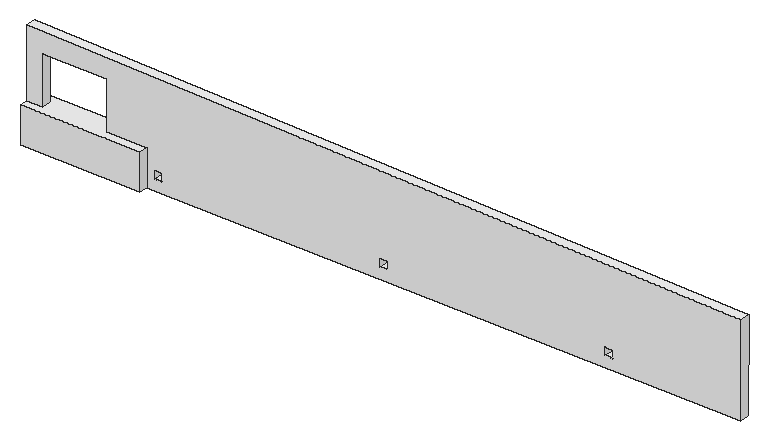
Revit family "Viga_Con_Mestra_Pilotis", category Structural Framing, Revit 2020
Family settings
  Display in Hidden Views = Edges Hidden by Other Members
  Structural Framing Length Roundoff = 0.000 m
  Section Shape = Not Defined
  Material for Model Behavior = Concrete
  Always export as geometry = No
  OmniClass Number = 23.25.30.11.14.14
  OmniClass Title = Beams
  Always vertical = Yes
  Cut with Voids When Loaded = No
  Symbolic Representation = From Family
  Shared = No
  Show family pre-cut in plan views = Yes
Parameters (values of type "VIG_012x130_CON_PLT_MST")
  Structural Material [instance] = CT_Concreto
  Material_Vigas = CT_Concreto
  H2 [instance] = 1.140 m
  Comprimento_Modulo [instance] = 7.480 m
  Assembly Code = ""
  Length [instance] = 8.950 m
  b = 0.120 m
  h = 1.300 m
Reference planes (m)
  plane 1 "Center (Front/Back)": y = 0.04
  plane 2: z = 0
  plane 3 "Center (Left/Right)": x = 4.78261
  plane 4: y = 0.1
  plane 5: y = -0.02
  plane 6: z = 1.3
  plane 7 "Left": x = 0.30761
  plane 8 "Right": x = 9.25761
  plane 9: z = 1.14
Forms (m)
  Extrusion 1, solid, material "CT_Concreto" <- "Material_Vigas"
    sketch origin (0, 0.04, 0) x (1, 0, 0) y (0, 0, 1)
      loop
        line (0.30761, 0) -> (9.25761, 0) -> (9.25761, 1.135927) -> (0.30761, 1.3) -> (0.30761, 0)
      loop
        line (1.90761, 0.235833) -> (1.90761, 0.135833) -> (2.00761, 0.135833) -> (2.00761, 0.235833) -> (1.90761, 0.235833)
      loop
        line (4.73261, 0.235833) -> (4.73261, 0.135833) -> (4.83261, 0.135833) -> (4.83261, 0.235833) -> (4.73261, 0.235833)
      loop
        line (7.55761, 0.235833) -> (7.55761, 0.135833) -> (7.65761, 0.135833) -> (7.65761, 0.235833) -> (7.55761, 0.235833)
      loop
        line (0.50761, 1.05) -> (0.50761, 0.45) -> (1.30761, 0.45) -> (1.30761, 1.05) -> (0.50761, 1.05)
    from -0.06 to 0.06
  Extrusion 2, solid, material "CT_Concreto" <- "Material_Vigas"
    sketch origin (2.22761, -0.16, 0) x (-1, 0, 0) y (0, 0, -1)
      loop
        line (1.92, -0.45) -> (1.92, 0) -> (0.42, 0) -> (0.42, -0.45) -> (1.92, -0.45)
    from -0.36 to -0.04
Cuts and joins
  joined: Extrusion 1, Extrusion 2
Dimensions and locks (m)
  plane 4 to plane 5 = 0.120 m
  plane 2 to plane 6 = 1.300 m
  equal spacing: plane 4, plane 1 "Center (Front/Back)", plane 5
  "Length": plane 7 "Left" to plane 8 "Right"
  equal spacing: plane 7 "Left", plane 3 "Center (Left/Right)", plane 8 "Right"
  "h": plane 6 to plane 2
  "H2": plane 9 to level
  "b": plane 4 to plane 5
  Extrusion 2 to Extrusion 2 = 0.320 m
  equal spacing: Extrusion 2, plane 1 "Center (Front/Back)", Extrusion 2
  aligned and locked: Extrusion 1 to plane 4
  aligned and locked: Extrusion 1 to plane 5
Automatic sketch dimensions
  Extrusion 1 sketch curve to level = 0.000 m
  plane 7 "Left" to Extrusion 1 sketch curve = 0.000 m
  Extrusion 1 sketch curve to plane 8 "Right" = 0.000 m
  Extrusion 1 sketch curve to plane 6 = 0.000 m
  Extrusion 1 sketch curve to plane 7 "Left" = 0.200 m
  Extrusion 1 sketch curve to Extrusion 1 sketch curve = 0.800 m
  level to Extrusion 1 sketch curve = 0.235833 m  (x2)
  Extrusion 1 sketch curve to Extrusion 1 sketch curve = 0.600 m
  Extrusion 1 sketch curve to Extrusion 1 sketch curve = 0.100 m  (x5)
  Extrusion 1 sketch curve to plane 3 "Center (Left/Right)" = 0.050 m
  plane 3 "Center (Left/Right)" to Extrusion 1 sketch curve = 0.050 m
  plane 8 "Right" to Extrusion 1 sketch curve = 1.700 m
  level to Extrusion 1 sketch curve = 0.135833 m
  plane 9 to Extrusion 1 sketch curve = 0.004073 m
  level to Extrusion 1 sketch curve = 0.450 m
  plane 9 to Extrusion 1 sketch curve = 0.090 m
  Extrusion 2 sketch curve to level = 0.000 m
  plane 7 "Left" to Extrusion 2 sketch curve = 0.000 m
  Extrusion 2 sketch curve to plane 7 "Left" = 1.500 m
  level to Extrusion 2 sketch curve = 0.450 m
